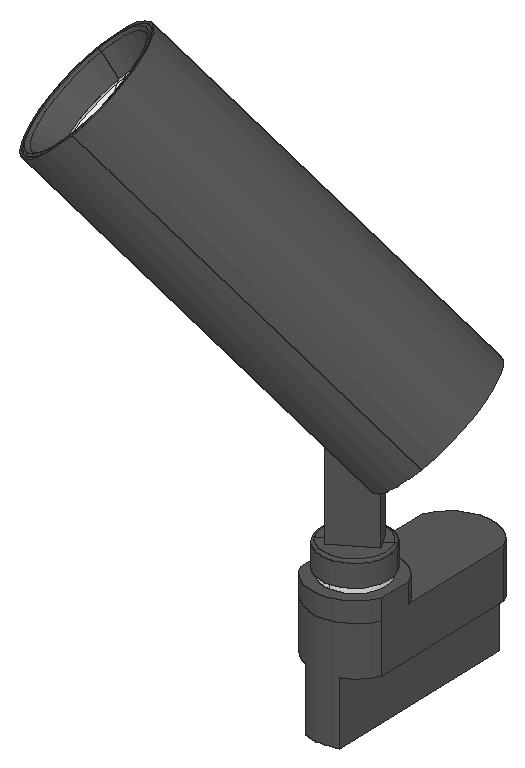
Revit family "0005441", category Lighting Fixtures, host Face, Revit 2017
Family settings
  Host = Face
  Round Connector Dimension = Use Diameter
  Part Type = Normal
  OmniClass Number = 23.80.70.00
  OmniClass Title = Lighting
  Cut with Voids When Loaded = No
  Light Source = No
  Shared = No
  Room Calculation Point = No
Parameters (values of type "0005441 PIXO SMALL 1490LM 930 NB MB WB BLK - 24 degree")
  Weight = "6.204 kg"
  Wattage Comments = ""
  WarrantyStartDate [instance] = "n/a"
  WarrantyGuarantorParts = "n/a"
  WarrantyDurationUnit = "n/a"
  WarrantyDurationParts = "n/a"
  WarrantyDescription = "n/a"
  Voltage = 0 V
  VerticalRotation_SYL [instance] = 60.00°
  VerticalEndAngle_SYL [instance] = VerticalRotation_SYL - 180.00°  # -120.00°
  URL = "http://www.sylvania-lighting.com"
  TypeName = "Pixo Small 1490lm 930 NB MB WB BLK"
  TypeHead_SYL = START Track Spot Integral Head : 0005441 24
  TypeArm_SYL = START Track Spot Integral Arm : START Track Spot Integral BL
  Type Image = <None>
  Type Comments = "n/a"
  SerialNumber [instance] = "n/a"
  Material_3_SYL = none
  PowerFactor = 0.9
  PowerConsumption = "17 W"
  NominalLength = 245 mm
  NominalHeight = 60 mm
  NominalDepth = 70 mm
  Name = "Pixo Small 1490lm 930 NB MB WB BLK"
  ModelReference = Name  # "Pixo Small 1490lm 930 NB MB WB BLK"
  ModelNumber = "0005441"
  Model = Name  # "Pixo Small 1490lm 930 NB MB WB BLK"
  Material = "n/a"
  ManufacturerName = "Feilo Sylvania"
  Manufacturer = "Feilo Sylvania"
  LuminousEfficacy = "88 lm/W"
  LuminaireType = ""
  LightOutputRatio = "n/a"
  LampsType = Lamp  # "LED"
  LampNominalLuminous = "1496 lm"
  LampMacAdamStep = "5"
  LampColourTemperature = "3000 K"
  LampColourRenderingIndex = "90"
  Lamp = "LED"
  Keynote = "16500"
  InstallationDate [instance] = "n/a"
  InputVoltage = "n/a"
  InputNominalFrequency = "n/a"
  IngressProtection = "IP20"
  ImpactProtectionIndex = "IK03"
  IfcExportType = "IfcLightFixtureType"
  IfcExportAs = "IfcLightFixtureType"
  HorizontalRotation_SYL [instance] = 45.00°
  ExpectedLife = 50000
  ElectricShockClassification = "Class I"
  DurationUnit = "hours"
  DocumentationLiterature = "http://www.sylvania-lighting.com/product/en-int/products/0005441"
  DimmingControlOptions = "n/a"
  Material_2_SYL = Spacer-Sylvania-StartTrackSpot-Aluminium
  Description = "Integrated LED spotlight, Textured Black - RAL9005, simple and slick integral design with no driver box and without any visible screws, ideal for retail applications, die-cast aluminium body, passive cooling heatsink. Beam angle: 36°, additional lenses 24°and 54° beam angle included, color temperature: 3000K , total system power: 17W, total fixture output: 1496 lm, LOR: 100%, colour rendering: Ra: 90 typical, LED Chromaticity: 3 step MacAdam ellipse, lifetime: >50000 hours at L70B50, energy class: A++, A+, A, IR/UV free light source without heat radiation, operating voltage: 220-240V / 50-60Hz,  electronic driver, non-dimmable, ultra low LED flickering rate (5% or less), power factor: >0.90, electrical protection: Class I, Global Track 3 Circuit GA69 adapter suitable for Global trac 3-circuit tracks, ingress protection rating: IP20, suitable for internal environment only, horizontal rotation: 345°, vertical tilt: 90°, dimensions: Ø60x70x245, weight: 0.517kg."
  Default Elevation = 1219.2 mm
  CreatedOn = "9/9/2020"
  CreatedBy = "@sylvania-lighting.com"
  Cost = 0
  built-in parameter 1114216 [instance] = (empty or 0)
  ClassificationValue = "EF_70_80"
  ClassificationName = "Uniclass2015"
  Material_1_SYL = Body-Sylvania-StartTrackSpot-Black
  BarCode [instance] = "n/a"
  AssetType = "Fixed"
  AssetIdentifier [instance] = "n/a"
  Assembly Code = "D5020200"
  Apparent Load = 17 VA
  Material_4_SYL = none
Reference planes
  plane 1 "Center (Front/Back)": y = 0
  plane 2: z = 0
  plane 3 "Center (Left/Right)": x = 0
  plane 4: x = 16.6
  plane 5: x = -16.6
  plane 6: x = 7
  plane 7: x = -7
  plane 8: x = -12.8
  plane 9: y = 42
  plane 10: y = 42
  plane 11: y = -42
  plane 12: y = 31.4
  plane 13: y = -31.4
  plane 14: z = -26
  plane 15: z = 20.3
  plane 16: z = 28.5
  plane 17: z = 31.2
  plane 18: y = -17.4
  plane 19: y = -6.8
  plane 20: y = -24.4
Forms (mm)
  Extrusion 1, solid, material "Body-Sylvania-StartTrackSpot-Black" <- "Material_1_SYL"
    sketch origin (0, 0, 0) x (1, 0, 0) y (0, 1, 0)
      loop
        line (-16.6, 31.4) -> (-16.6, -31.4)
        arc (-16.6, -31.4) -> (0, -42) -> (16.6, -31.4) r 18.298
        line (16.6, -31.4) -> (16.6, 31.4)
        arc (16.6, 31.4) -> (0, 42) -> (-16.6, 31.4) r 18.298
    from -26 to 20.3
  Extrusion 2, void
    sketch origin (0, 0, 0) x (1, 0, 0) y (0, 1, 0)
      loop
        arc (-7, 40.608) -> (-12.666, 36.907) -> (-16.6, 31.4) r 18.298
        line (-16.6, 31.4) -> (-16.6, -31.4)
        arc (-16.6, -31.4) -> (-12.666, -36.907) -> (-7, -40.608) r 18.298
        line (-7, -40.608) -> (-7, 40.608)
      loop
        line (16.6, -31.4) -> (16.6, 31.4)
        arc (16.6, 31.4) -> (12.666, 36.907) -> (7, 40.608) r 18.298
        line (7, 40.608) -> (7, -40.608)
        arc (7, -40.608) -> (12.666, -36.907) -> (16.6, -31.4) r 18.298
    from 0 to -26
  Extrusion 3, solid, material "Body-Sylvania-StartTrackSpot-Black" <- "Material_1_SYL"
    sketch origin (1223.4, -4572, 20.3) x (0, -1, 0) y (-1, 0, 0)
      loop
        line (-4540.6, 1240) -> (-4554.6, 1240)
        arc (-4554.6, 1240) -> (-4565.2, 1223.4) -> (-4554.6, 1206.8) r 18.298
        line (-4554.6, 1206.8) -> (-4540.6, 1206.8)
        arc (-4540.6, 1206.8) -> (-4530, 1223.4) -> (-4540.6, 1240) r 18.298
    from -8.2 to 0
  Extrusion 4, solid, material "Spacer-Sylvania-StartTrackSpot-Aluminium" <- "Material_2_SYL"
    sketch origin (1223.4, -4572, 28.5) x (0, -1, 0) y (-1, 0, 0)
      loop
        circle (-4547.6, 1223.4) r 12.7
    from 0 to -2.7
  Revolve 5, solid, not visible
    sketch origin (1524, -24.4, 1219.2) x (1, 0, 0) y (0, 0, 1)
      loop
        line (-1524, -1188) -> (-1524, -1168.735) -> (-1531, -1168.735) -> (-1531, -1188) -> (-1524, -1188)
      axis (-1524, -1168.735) -> (-1524, -1188)
    angle from 60 <- "VerticalRotation_SYL" to -120 <- "VerticalEndAngle_SYL"
Cuts and joins
  Extrusion 2 cuts Extrusion 1
  joined: Extrusion 1, Extrusion 3
Lines and regions (mm)
  reference lines
    curve 1: circle (0, -24.4, 0) r 12.7 normal (0, 0, 1)
    curve 2: arc (-16.6, -31.4, 0) -> (0, -42, 0) -> (16.6, -31.4, 0) r 18.298
    curve 3: arc (-16.6, -17.4, 0) -> (0, -6.8, 0) -> (16.6, -17.4, 0) r 18.298
    curve 4: arc (-16.6, 31.4, 0) -> (0, 42, 0) -> (16.6, 31.4, 0) r 18.298
Dimensions and locks
  plane 6 to plane 3 "Center (Left/Right)" to plane 7 = 7 mm locked, 7 mm locked
  plane 4 to plane 3 "Center (Left/Right)" to plane 5 = 16.6 mm locked, 16.6 mm locked
  locked: plane 3 "Center (Left/Right)" to plane 8 at 12.8
  plane 11 to plane 1 "Center (Front/Back)" to plane 10 = 42 mm locked, 42 mm locked
  plane 13 to plane 1 "Center (Front/Back)" to plane 12 = 31.4 mm locked, 31.4 mm locked
  locked: plane 2 to plane 14 at 26
  locked: plane 15 to plane 2 at 20.3
  plane 17 to plane 16 to plane 15 = 2.7 mm locked, 8.2 mm locked
  locked: plane 13 to plane 18 at 14
  locked: plane 18 to plane 19 at 10.6
  equal spacing: plane 13, plane 20, plane 18
  locked: plane 20 to curve 2 at 0.698
  locked: curve 3 to plane 20 at 0.698
  aligned and locked: plane 2 to host face
  aligned and locked: level to host face
  aligned and locked: plane 3 "Center (Left/Right)" to curve 1
  aligned and locked: plane 20 to curve 1
  aligned and locked: plane 13 to curve 2  (x2)
  aligned and locked: plane 18 to curve 3  (x2)
  aligned and locked: plane 12 to curve 4  (x2)
  aligned and locked: plane 4 to curve 4
  aligned and locked: plane 3 "Center (Left/Right)" to curve 4
  aligned and locked: plane 5 to curve 2
  aligned and locked: plane 5 to curve 3
  aligned and locked: plane 4 to curve 3
  aligned and locked: plane 4 to curve 2
  aligned and locked: plane 12 to Extrusion 1 sketch curve
  aligned and locked: plane 13 to Extrusion 1 sketch curve
  aligned and locked: Extrusion 1 sketch curve to curve 4
  aligned and locked: Extrusion 1 sketch curve to curve 2
  aligned and locked: Extrusion 1 to plane 15
  aligned and locked: plane 14 to Extrusion 1
  aligned and locked: Extrusion 2 sketch curve to Extrusion 1  (x5)
  aligned and locked: Extrusion 2 sketch curve to plane 7
  aligned and locked: plane 14 to Extrusion 2
  aligned and locked: level to Extrusion 2
  aligned and locked: Extrusion 3 sketch curve to cut or joined group of Extrusion 1, Extrusion 2, Extrusion 3  (x2)
  aligned and locked: Extrusion 3 sketch curve to curve 3
  aligned and locked: cut or joined group of Extrusion 1, Extrusion 2, Extrusion 3 to Extrusion 3 sketch curve
  aligned and locked: Extrusion 3 to plane 16
  aligned and locked: plane 15 to Extrusion 3
  aligned and locked: Extrusion 4 sketch curve to curve 1
  aligned and locked: Extrusion 4 to plane 17
  aligned and locked: plane 16 to Extrusion 4
  aligned and locked: Revolve 5 sketch curve to plane 3 "Center (Left/Right)"
  aligned and locked: Extrusion 4 to Revolve 5 sketch curve
  aligned and locked: Revolve 5 sketch curve to Extrusion 4
  aligned and locked: plane 17 to nested 1
Automatic sketch dimensions
  host sketch curve to host sketch curve = 2438.4 mm  (x2)
  plane 12 to curve 4 = 7.698 mm
  plane 12 to Extrusion 2 sketch curve = 0 mm
  Extrusion 2 sketch curve to Extrusion 2 sketch curve = 0 mm  (x2)
  Extrusion 2 sketch curve to plane 6 = 0 mm
  Revolve 5 sketch curve to plane 7 = 0 mm
  Revolve 5 sketch curve to Revolve 5 sketch curve = 19.265 mm
  plane 14 to Revolve 5 sketch curve = 583.6 mm
  Revolve 5 sketch curve to Revolve 5 sketch curve = 2558.594 mm
  radius of curve 1 = 12.7 mm
Nested families
  nested 1: "START Track Spot Integral Arm" at (0, -24.4, 31.2) x (0, 0, -1) z (0.866, 0.5, 0), type <- "TypeArm_SYL", HorizontalRotation_SYL <- "HorizontalRotation_SYL", type "START Track Spot Integral BL"
    with HorizontalRotation_SYL 45.00°, HorizontalEndAngle_SYL -135.00°
  nested 2: "START Track Spot Integral Head" at (12.554, -17.152, 97.696) x (-0.5, 0.866, 0) z (0.6124, 0.3536, -0.7071), type <- "TypeHead_SYL", type "0005441 24"
    with built-in parameter 1114216 (empty or 0)
Connectors
  electrical at (0, 0, 0), driven by "Apparent Load", driven by "PowerFactor", driven by "Voltage"
    settings: index 1, voltage 0 V, apparent load 17 VA, apparent load phase1 0 VA, apparent load phase2 0 VA, apparent load phase3 0 VA, power factor 0.9, load classification "Lighting", number of poles 1, system type 30, power factor state 1, is connector primary yes, connector utility no, sub classification motor no, connector description ""
Definition of nested family "START Track Spot Integral Arm"
  Parameters (values of type "START Track Spot Integral WH")
    URL = "http://www.sylvania-lighting.com"
    Type Image = (empty or 0)
    Type Comments = "n/a"
    Material_3_SYL = none
    Model = ""
    Manufacturer = "Feilo Sylvania"
    Keynote = ""
    Material_2_SYL = none
    HorizontalRotation_SYL [instance] = 0.00°
    HorizontalEndAngle_SYL [instance] = HorizontalRotation_SYL - 180.00°  # -180.00°
    Description = ""
    Default Elevation = 1219.2 mm
    Cost = 0
    Material_1_SYL = none
    Assembly Code = ""
    Material_4_SYL = none
  Types (2): name
    START Track Spot Integral WH
    START Track Spot Integral BL
  Reference planes
    plane 1 "Center (Front/Back)": y = 0
    plane 2: z = 0
    plane 3 "Center (Left/Right)": x = 0
    plane 4: x = -10
    plane 5: z = -14
    plane 6: z = -14
    plane 7: z = 14
    plane 8: x = -52
    plane 9: z = 9
    plane 10: z = -9
    plane 11: x = -60
    plane 12: y = 4.5
    plane 13: y = -4.5
    plane 14: x = -9
    plane 15: z = 13
    plane 16: z = 4
    plane 17: z = -4
    plane 18: x = -55
  Forms (mm)
    Extrusion 1, solid
      sketch origin (4.2, 0, 0) x (1, 0, 0) y (0, 1, 0)
        loop
          line (-1219.2, 1219.2) -> (-1219.2, -1219.2) -> (1219.2, -1219.2) -> (1219.2, 1219.2) -> (-1219.2, 1219.2)
      from 0 to -68.017
    Revolve 2, solid, material <- "Material_1_SYL"
      sketch origin (0, 0, 0) x (1, 0, 0) y (0, 0, 1)
        loop
          line (0, 0) -> (0, 14) -> (-9, 14)
          arc (-9, 14) -> (-9.707, 13.707) -> (-10, 13) r 1
          line (-10, 13) -> (-10, 0) -> (0, 0)
        axis (-10, 0) -> (0, 0)
      angle from 360 to 0
    Extrusion 3, solid, material <- "Material_1_SYL"
      sketch origin (0, 0, 0) x (1, 0, 0) y (0, 0, 1)
        loop
          line (-10, 9) -> (-55, 9)
          arc (-55, 9) -> (-58.536, 7.536) -> (-60, 4) r 5
          line (-60, 4) -> (-60, -4)
          arc (-60, -4) -> (-58.536, -7.536) -> (-55, -9) r 5
          line (-55, -9) -> (-10, -9) -> (-10, 9)
      from -4.5 to 4.5
    Revolve 4, solid, not visible
      sketch origin (-52, -4572, 2609.058) x (0, 0, 1) y (0, -1, 0)
        loop
          line (-2609.058, -4553.46) -> (-2609.058, -4590.54) -> (-2605.058, -4590.54) -> (-2605.058, -4553.46) -> (-2609.058, -4553.46)
        axis (-2609.058, -4553.46) -> (-2609.058, -4590.54)
      angle from 0 <- "HorizontalRotation_SYL" to -180 <- "HorizontalEndAngle_SYL"
  Dimensions and locks
    locked: plane 3 "Center (Left/Right)" to plane 4 at 10
    plane 7 to plane 2 to plane 6 = 14 mm locked, 14 mm locked
    locked: plane 4 to plane 8 at 42
    plane 13 to plane 1 "Center (Front/Back)" to plane 12 = 4.5 mm locked, 4.5 mm locked
    locked: plane 14 to plane 4 at 1
    locked: plane 7 to plane 15 at 1
    locked: plane 9 to plane 16 at 5
    locked: plane 17 to plane 10 at 5
    equal spacing: Revolve 4 sketch curve, plane 1 "Center (Front/Back)", Revolve 4 sketch curve
    locked: Revolve 4 sketch curve to plane 1 "Center (Front/Back)" at 18.54
    locked: plane 18 to plane 11 at 5
    locked: plane 4 to plane 11 at 50
    aligned and locked: plane 2 to Extrusion 1
    aligned and locked: level to Extrusion 1
    aligned and locked: level to Revolve 2 sketch curve  (x2)
    aligned and locked: plane 3 "Center (Left/Right)" to Revolve 2 sketch curve
    aligned and locked: Revolve 2 sketch curve to plane 7
    aligned and locked: plane 4 to Revolve 2 sketch curve
    aligned and locked: plane 15 to Revolve 2 sketch curve
    aligned and locked: plane 14 to Revolve 2 sketch curve
    aligned and locked: Revolve 2 sketch curve to plane 2
    aligned and locked: Extrusion 3 sketch curve to plane 9
    aligned and locked: plane 4 to Extrusion 3 sketch curve
    aligned and locked: plane 10 to Extrusion 3 sketch curve
    aligned and locked: Extrusion 3 sketch curve to plane 11
    aligned and locked: plane 13 to Extrusion 3
    aligned and locked: Extrusion 3 to plane 12
    aligned and locked: plane 16 to Extrusion 3 sketch curve
    aligned and locked: plane 17 to Extrusion 3 sketch curve
    aligned and locked: Revolve 4 sketch curve to level
    aligned and locked: Revolve 4 sketch curve to plane 16
    aligned and locked: Revolve 4 sketch curve to plane 2
    aligned and locked: plane 18 to Extrusion 3 sketch curve  (x2)
Definition of nested family "START Track Spot Integral Head"
  Parameters (values of type "0005441 54")
    WidthCutOut_SYL = 9.5 mm  # constant formula
    Wattage Comments = "n/a"
    Wattage = 17 W
    built-in parameter 1150110 = 1 (stored number, unit not read)
    URL = "http://www.sylvania-lighting.com"
    Type Image = (empty or 0)
    Type Comments = "n/a"
    built-in parameter 1114217 = 1 (stored number, unit not read)
    Tilt Angle = 90.00°
    built-in parameter 1150109 = 1 (stored number, unit not read)
    built-in parameter 1150134 = (empty or 0)
    built-in parameter 1150113 = 1 (stored number, unit not read)
    S_SYL = yes
    RadiusLensOut_SYL = if(S_SYL, 21 mm, if(M_SYL, 30.5 mm, 33 mm))  # 21 mm
    RadiusLensHolder_SYL = 1.8 mm  # constant formula
    RadiusHead_SYL = if(S_SYL, 30 mm, if(M_SYL, 40 mm, 45.5 mm))  # 30 mm
    RadiusEmission_SYL = if(S_SYL, 8 mm, if(M_SYL, 16.5 mm, 16.5 mm))  # 8 mm
    Photometric Web File = "0005441_54.ies"
    built-in parameter 1150142 = "IESNA:LM-63-2002\r\n[TEST] 202010554\r\n[TESTLAB] \r\n[TESTDATE] 23 May 2020\r\n[ISSUEDATE] 23 May 2020\r\n[MANUFAC] Sylvania\r\n[LUMCAT] 202010554\r\n[LUMINAIRE] FT1079-B-3000£¨54¡ã£©\r\n[FLASHAREA] 0.000514\r\n[LAMPCAT] 202010554\r\n[LAMP] LED 17W\r\nTILT=NONE\r\n1 1440.60 1.0 181 4 1 2 -0.052 -0.052 0.000\r\n1.00 1.00 16.52\r\n0.00 1.00 2.00 3.00 4.00 5.00 6.00 7.00 8.00 9.00 10.00 \r\n11.00 12.00 13.00 14.00 15.00 16.00 17.00 18.00 19.00 \r\n20.00 21.00 22.00 23.00 24.00 25.00 26.00 27.00 28.00 \r\n29.00 30.00 31.00 32.00 33.00 34.00 35.00 36.00 37.00 \r\n38.00 39.00 40.00 41.00 42.00 43.00 44.00 45.00 46.00 \r\n47.00 48.00 49.00 50.00 51.00 52.00 53.00 54.00 55.00 \r\n56.00 57.00 58.00 59.00 60.00 61.00 62.00 63.00 64.00 \r\n65.00 66.00 67.00 68.00 69.00 70.00 71.00 72.00 73.00 \r\n74.00 75.00 76.00 77.00 78.00 79.00 80.00 81.00 82.00 \r\n83.00 84.00 85.00 86.00 87.00 88.00 89.00 90.00 91.00 \r\n92.00 93.00 94.00 95.00 96.00 97.00 98.00 99.00 100.00 \r\n101.00 102.00 103.00 104.00 105.00 106.00 107.00 108.00 \r\n109.00 110.00 111.00 112.00 113.00 114.00 115.00 116.00 \r\n117.00 118.00 119.00 120.00 121.00 122.00 123.00 124.00 \r\n125.00 126.00 127.00 128.00 129.00 130.00 131.00 132.00 \r\n133.00 134.00 135.00 136.00 137.00 138.00 139.00 140.00 \r\n141.00 142.00 143.00 144.00 145.00 146.00 147.00 148.00 \r\n149.00 150.00 151.00 152.00 153.00 154.00 155.00 156.00 \r\n157.00 158.00 159.00 160.00 161.00 162.00 163.00 164.00 \r\n165.00 166.00 167.00 168.00 169.00 170.00 171.00 172.00 \r\n173.00 174.00 175.00 176.00 177.00 178.00 179.00 180.00 \r\n0.00 30.00 60.00 90.00 \r\n1655.55 1662.59 1658.31 1653.69 1649.69 1648.01 1636.26 \r\n1626.65 1614.26 1595.35 1582.77 1558.60 1535.27 1504.89 \r\n1472.27 1437.98 1403.81 1364.30 1326.71 1284.48 1235.83 \r\n1181.38 1131.80 1076.91 1016.99 950.08 883.38 821.13 \r\n757.26 699.56 641.15 588.92 538.12 491.88 447.61 408.11 \r\n372.30 336.02 308.69 280.38 253.73 230.77 210.19 190.89 \r\n173.74 157.71 143.15 129.72 117.91 106.71 96.87 88.54 \r\n81.06 73.94 67.06 60.84 54.98 49.35 44.24 39.59 34.84 \r\n30.15 25.85 22.62 20.23 18.20 16.32 14.73 13.22 11.75 \r\n10.24 8.67 7.21 5.95 4.88 3.83 2.84 1.91 1.03 0.33 0.01 \r\n0.01 0.01 0.01 0.01 0.01 0.01 0.01 0.01 0.01 0.01 0.01\r\n0.01 0.01 0.01 0.01 0.01 0.01 0.01 0.01 0.01 0.01 0.01\r\n0.01 0.01 0.01 0.01 0.01 0.01 0.01 0.01 0.01 0.01 0.01 \r\n0.01 0.01 0.01 0.01 0.01 0.01 0.01 0.01 0.01 0.01 0.01\r\n0.01 0.01 0.01 0.01 0.01 0.01 0.01 0.01 0.01 0.01 0.01 \r\n0.01 0.01 0.01 0.01 0.01 0.01 0.01 0.01 0.01 0.01 0.01\r\n0.01 0.01 0.01 0.01 0.01 0.01 0.01 0.01 0.01 0.01 0.01 \r\n0.01 0.01 0.01 0.01 0.01 0.01 0.01 0.01 0.01 0.01 0.01\r\n0.01 0.01 0.01 0.01 0.01 0.01 0.01 0.01 0.01 0.01 0.01 \r\n0.01 \r\n1663.14 1655.46 1652.76 1648.03 1645.85 1641.44 1631.94 \r\n1624.09 1615.75 1599.85 1581.05 1556.25 1535.22 1500.65 \r\n1465.96 1433.97 1404.97 1365.29 1324.16 1278.65 1231.24 \r\n1182.78 1128.23 1069.76 1008.85 946.74 880.85 816.82 \r\n757.46 700.66 642.13 589.26 540.06 492.91 447.73 409.24 \r\n372.82 339.32 309.70 282.82 258.05 234.04 211.38 192.72 \r\n173.57 157.00 141.71 127.61 114.92 103.57 93.93 84.92 \r\n77.49 70.43 64.53 58.88 53.03 47.69 42.66 38.30 33.86 \r\n29.39 25.14 22.08 19.77 17.85 16.14 14.60 13.20 11.70 \r\n10.23 8.70 7.29 6.07 5.02 3.93 2.93 1.95 1.03 0.31 0.03 \r\n0.01 0.01 0.01 0.01 0.01 0.01 0.01 0.01 0.01 0.01 0.01 \r\n0.01 0.01 0.01 0.01 0.01 0.01 0.01 0.01 0.01 0.01 0.01\r\n0.01 0.01 0.01 0.01 0.01 0.01 0.01 0.01 0.01 0.01 0.01 \r\n0.01 0.01 0.01 0.01 0.01 0.01 0.01 0.01 0.01 0.01 0.01\r\n0.01 0.01 0.01 0.01 0.01 0.01 0.01 0.01 0.01 0.01 0.01 \r\n0.01 0.01 0.01 0.01 0.01 0.01 0.01 0.01 0.01 0.01 0.01\r\n0.01 0.01 0.01 0.01 0.01 0.01 0.01 0.01 0.01 0.01 0.01 \r\n0.01 0.01 0.01 0.01 0.01 0.01 0.01 0.01 0.01 0.01 0.01\r\n0.01 0.01 0.01 0.01 0.01 0.01 0.01 0.01 0.01 0.01 0.01\r\n0.01 \r\n1656.06 1661.08 1656.22 1646.21 1641.40 1634.53 1628.44 \r\n1619.78 1603.72 1596.03 1573.39 1561.30 1534.61 1500.34 \r\n1466.66 1429.45 1398.15 1361.28 1317.53 1277.06 1225.92 \r\n1178.99 1116.30 1061.03 1000.76 945.77 880.15 814.27 \r\n754.91 697.25 640.52 586.53 539.81 493.49 447.97 408.02 \r\n371.04 338.02 307.89 278.82 252.47 229.41 207.40 188.54 \r\n170.90 154.59 140.38 125.89 113.26 102.36 93.02 84.17 \r\n76.76 70.47 64.68 58.35 52.47 47.37 42.59 38.14 33.65 \r\n29.16 25.27 21.85 19.67 17.80 16.14 14.59 13.12 11.69 \r\n10.19 8.76 7.34 6.13 5.06 4.01 3.02 2.07 1.12 0.35 0.01 \r\n0.01 0.01 0.01 0.01 0.01 0.01 0.01 0.01 0.01 0.01 0.01\r\n0.01 0.01 0.01 0.01 0.01 0.01 0.01 0.01 0.01 0.01 0.01\r\n0.01 0.01 0.01 0.01 0.01 0.01 0.01 0.01 0.01 0.01 0.01\r\n0.01 0.01 0.01 0.01 0.01 0.01 0.01 0.01 0.01 0.01 0.01\r\n0.01 0.01 0.01 0.01 0.01 0.01 0.01 0.01 0.01 0.01 0.01 \r\n0.01 0.01 0.01 0.01 0.01 0.01 0.01 0.01 0.01 0.01 0.01\r\n0.01 0.01 0.01 0.01 0.01 0.01 0.01 0.01 0.01 0.01 0.01 \r\n0.01 0.01 0.01 0.01 0.01 0.01 0.01 0.01 0.01 0.01 0.01\r\n0.01 0.01 0.01 0.01 0.01 0.01 0.01 0.01 0.01 0.01 0.01 \r\n0.01 \r\n1659.50 1649.40 1647.34 1654.28 1643.21 1645.32 1631.41 \r\n1616.77 1611.40 1591.80 1571.20 1543.78 1527.25 1494.74 \r\n1456.40 1427.54 1393.47 1360.47 1320.94 1276.77 1223.07 \r\n1177.66 1118.19 1056.45 1000.76 938.71 871.81 808.51 \r\n751.94 691.15 638.93 583.63 538.19 492.71 450.65 410.58 \r\n373.41 341.27 308.18 282.36 254.79 233.05 210.10 188.77 \r\n172.08 154.28 138.83 122.79 111.20 100.52 91.19 82.28 \r\n74.92 68.71 61.32 55.35 50.35 44.95 40.27 36.33 32.50 \r\n27.95 24.38 21.37 19.31 17.60 16.08 14.54 13.09 11.66 \r\n10.17 8.81 7.37 6.21 5.16 4.08 3.05 2.07 1.09 0.30 0.01 \r\n0.01 0.01 0.01 0.01 0.01 0.01 0.01 0.01 0.01 0.01 0.01\r\n0.01 0.01 0.01 0.01 0.01 0.01 0.01 0.01 0.01 0.01 0.01\r\n0.01 0.01 0.01 0.01 0.01 0.01 0.01 0.01 0.01 0.01 0.01\r\n0.01 0.01 0.01 0.01 0.01 0.01 0.01 0.01 0.01 0.01 0.01\r\n0.01 0.01 0.01 0.01 0.01 0.01 0.01 0.01 0.01 0.01 0.01\r\n0.01 0.01 0.01 0.01 0.01 0.01 0.01 0.01 0.01 0.01 0.01\r\n0.01 0.01 0.01 0.01 0.01 0.01 0.01 0.01 0.01 0.01 0.01\r\n0.01 0.01 0.01 0.01 0.01 0.01 0.01 0.01 0.01 0.01 0.01\r\n0.01 0.01 0.01 0.01 0.01 0.01 0.01 0.01 0.01 0.01 0.01\r\n0.01 \r\n"
    Material_3_SYL = none
    Model = "ST TRK SPT INTGRL 1350LM 930 MB BLK"
    Manufacturer = "Feilo Sylvania"
    M_SYL = no
    built-in parameter 1150105 = 107.43 (stored number, unit not read)
    Lumens = 1350 lm
    built-in parameter 1150115 = 1 (stored number, unit not read)
    built-in parameter 1150137 = (empty or 0)
    built-in parameter 1150139 = (empty or 0)
    built-in parameter 1150112 = 1 (stored number, unit not read)
    built-in parameter 1150114 = 1 (stored number, unit not read)
    Lamp = "LED"
    Keynote = "16500"
    Material_2_SYL = none
    built-in parameter 1150132 = (empty or 0)
    built-in parameter 1150102 = (empty or 0)
    built-in parameter 1150107 = 3000 (stored number, unit not read)
    built-in parameter 1150138 = (empty or 0)
    built-in parameter 1150106 = 1.0743 (stored number, unit not read)
    Height_SYL = if(S_SYL, 160 mm, if(M_SYL, 200 mm, 215 mm))  # 160 mm
    Emit from Circle Diameter = RadiusLensOut_SYL * 2  # 42 mm
    Emit Shape Visible in Rendering = no
    built-in parameter 1150104 = 7.3776 (stored number, unit not read)
    DistRotateAxisY_SYL = 16.8 mm  # constant formula
    Dimming Lamp Color Temperature Shift = (empty or 0)
    Description = ""
    DepthLens_SYL = 1.25 * (RadiusHead_SYL - 1 mm - RadiusLensOut_SYL)  # 10 mm
    DepthEmission_SYL = Height_SYL / 6.4  # 25 mm
    DepthCutOut_SYL = WidthCutOut_SYL * 2  # 19 mm
    Default Elevation = 1219.2 mm
    Cost = 0
    Color Filter = 16777215
    built-in parameter 1114216 [instance] = (empty or 0)
    Material_1_SYL = none
    built-in parameter 1114218 = 1 (stored number, unit not read)
    built-in parameter 1150133 = 10 (stored number, unit not read)
    Assembly Code = "D5020200"
    Apparent Load = 17 VA
    Material_4_SYL = none
  Types (5, lengths in mm): name | Photometric Web File | built-in parameter 1150142 | Model | built-in parameter 1150105 | Lumens | built-in parameter 1150106 | built-in parameter 1150104
    0005423 ST TRK SPT INTGRL 1350LM 930 MB BLK | "0005423MB.ies" | "IESNA:LM-63-2002\r\n[TEST] A1808656A0\r\n[TESTLAB]\r\n[MANUFAC] Feilo Sylvania\r\n[LUMCAT]\r\n[LUMINAIRE] 0005423 START Track Spot Integ ral 1350lm 930 MB BLK /0 \r\n[LAMP] SP-TA5C17R1/0\r\n[BALLAST] \r\n[ISSUEDATE]\r\n[OTHER] B-Angle = 0.00 B-Tilt = 0.00 2018-10-19\r\nTILT=NONE\r\n1 1350.00 1 361 1 1 2 -0.042 -0.042 0.000\r\n1.0 1.0 17.00\r\n   0.00   0.50   1.00   1.50   2.00   2.50   3.00   3.50   4.00   4.50\r\n   5.00   5.50   6.00   6.50   7.00   7.50   8.00   8.50   9.00   9.50\r\n  10.00  10.50  11.00  11.50  12.00  12.50  13.00  13.50  14.00  14.50\r\n  15.00  15.50  16.00  16.50  17.00  17.50  18.00  18.50  19.00  19.50\r\n  20.00  20.50  21.00  21.50  22.00  22.50  23.00  23.50  24.00  24.50\r\n  25.00  25.50  26.00  26.50  27.00  27.50  28.00  28.50  29.00  29.50\r\n  30.00  30.50  31.00  31.50  32.00  32.50  33.00  33.50  34.00  34.50\r\n  35.00  35.50  36.00  36.50  37.00  37.50  38.00  38.50  39.00  39.50\r\n  40.00  40.50  41.00  41.50  42.00  42.50  43.00  43.50  44.00  44.50\r\n  45.00  45.50  46.00  46.50  47.00  47.50  48.00  48.50  49.00  49.50\r\n  50.00  50.50  51.00  51.50  52.00  52.50  53.00  53.50  54.00  54.50\r\n  55.00  55.50  56.00  56.50  57.00  57.50  58.00  58.50  59.00  59.50\r\n  60.00  60.50  61.00  61.50  62.00  62.50  63.00  63.50  64.00  64.50\r\n  65.00  65.50  66.00  66.50  67.00  67.50  68.00  68.50  69.00  69.50\r\n  70.00  70.50  71.00  71.50  72.00  72.50  73.00  73.50  74.00  74.50\r\n  75.00  75.50  76.00  76.50  77.00  77.50  78.00  78.50  79.00  79.50\r\n  80.00  80.50  81.00  81.50  82.00  82.50  83.00  83.50  84.00  84.50\r\n  85.00  85.50  86.00  86.50  87.00  87.50  88.00  88.50  89.00  89.50\r\n  90.00  90.50  91.00  91.50  92.00  92.50  93.00  93.50  94.00  94.50\r\n  95.00  95.50  96.00  96.50  97.00  97.50  98.00  98.50  99.00  99.50\r\n 100.00 100.50 101.00 101.50 102.00 102.50 103.00 103.50 104.00 104.50\r\n 105.00 105.50 106.00 106.50 107.00 107.50 108.00 108.50 109.00 109.50\r\n 110.00 110.50 111.00 111.50 112.00 112.50 113.00 113.50 114.00 114.50\r\n 115.00 115.50 116.00 116.50 117.00 117.50 118.00 118.50 119.00 119.50\r\n 120.00 120.50 121.00 121.50 122.00 122.50 123.00 123.50 124.00 124.50\r\n 125.00 125.50 126.00 126.50 127.00 127.50 128.00 128.50 129.00 129.50\r\n 130.00 130.50 131.00 131.50 132.00 132.50 133.00 133.50 134.00 134.50\r\n 135.00 135.50 136.00 136.50 137.00 137.50 138.00 138.50 139.00 139.50\r\n 140.00 140.50 141.00 141.50 142.00 142.50 143.00 143.50 144.00 144.50\r\n 145.00 145.50 146.00 146.50 147.00 147.50 148.00 148.50 149.00 149.50\r\n 150.00 150.50 151.00 151.50 152.00 152.50 153.00 153.50 154.00 154.50\r\n 155.00 155.50 156.00 156.50 157.00 157.50 158.00 158.50 159.00 159.50\r\n 160.00 160.50 161.00 161.50 162.00 162.50 163.00 163.50 164.00 164.50\r\n 165.00 165.50 166.00 166.50 167.00 167.50 168.00 168.50 169.00 169.50\r\n 170.00 170.50 171.00 171.50 172.00 172.50 173.00 173.50 174.00 174.50\r\n 175.00 175.50 176.00 176.50 177.00 177.50 178.00 178.50 179.00 179.50\r\n 180.00\r\n   0.00\r\n    2953.10    2960.67    2955.01    2951.59    2937.99    2925.63    2907.64\r\n    2886.89    2862.76    2835.16    2803.86    2767.72    2733.06    2692.36\r\n    2648.69    2604.87    2559.88    2512.59    2468.84    2426.91    2381.85\r\n    2332.81    2291.69    2250.72    2209.69    2164.25    2118.43    2069.44\r\n    2015.77    1958.80    1899.18    1841.70    1782.18    1720.36    1658.92\r\n    1595.81    1531.53    1470.35    1408.17    1345.18    1285.38    1226.34\r\n    1167.13    1111.47    1057.05    1004.48     952.01     899.65     849.89\r\n     804.37     758.17     714.30     673.00     634.42     597.13     561.36\r\n     527.32     495.00     464.21     435.01     407.28     381.04     356.49\r\n     333.37     311.55     291.25     272.36     254.99     238.54     222.97\r\n     208.45     195.25     182.90     171.26     160.47     150.71     141.57\r\n     133.14     125.48     118.23     111.46     105.07      99.29      93.97\r\n      89.11      84.62      80.62      77.00      73.59      70.40      67.28\r\n      64.29      61.45      58.77      56.21      53.69      51.08      48.64\r\n      46.20      43.81      41.54      39.43      37.42      35.59      33.99\r\n      32.48      31.17      29.96      28.77      27.61      26.53      25.47\r\n      24.35      23.23      22.18      21.15      20.25      19.36      18.45\r\n      17.56      16.75      16.00      15.24      14.59      13.99      13.42\r\n      12.88      12.30      11.69      11.03      10.38       9.65       8.88\r\n       8.11       7.36       6.55       5.81       5.13       4.48       3.89\r\n       3.33       2.83       2.42       2.13       1.89       1.66       1.44\r\n       1.24       1.12       1.05       0.99       0.94       0.85       0.73\r\n       0.55       0.45       0.34       0.24       0.16       0.08       0.01\r\n       0.00       0.00       0.00       0.00       0.00       0.00       0.00\r\n       0.00       0.00       0.00       0.00       0.00       0.00       0.00\r\n       0.00       0.00       0.00       0.00       0.00       0.00       0.00\r\n       0.00       0.00       0.00       0.00       0.00       0.00       0.00\r\n       0.00       0.00       0.00       0.00       0.00       0.00       0.00\r\n       0.00       0.00       0.00       0.00       0.00       0.00       0.00\r\n       0.00       0.00       0.00       0.00       0.00       0.00       0.00\r\n       0.00       0.00       0.00       0.00       0.00       0.00       0.00\r\n       0.00       0.00       0.00       0.00       0.00       0.00       0.00\r\n       0.00       0.00       0.00       0.00       0.00       0.00       0.00\r\n       0.00       0.00       0.00       0.00       0.00       0.00       0.00\r\n       0.00       0.00       0.00       0.00       0.00       0.00       0.00\r\n       0.00       0.00       0.00       0.00       0.00       0.00       0.00\r\n       0.00       0.00       0.00       0.00       0.00       0.00       0.01\r\n       0.03       0.03       0.01       0.03       0.04       0.03       0.03\r\n       0.04       0.04       0.04       0.04       0.04       0.04       0.04\r\n       0.04       0.04       0.04       0.04       0.04       0.04       0.05\r\n       0.08       0.09       0.12       0.18       0.27       0.36       0.47\r\n       0.50       0.50       0.53       0.54       0.58       0.66       0.73\r\n       0.82       1.00       1.09       1.15       1.19       1.23       1.26\r\n       1.32       1.38       1.49       1.63       1.77       1.84       1.89\r\n       1.94       2.04       2.12       2.24       2.47       2.65       2.73\r\n       2.79       2.88       2.93       3.00       3.08       3.19       3.28\r\n       3.42       3.56       3.65       3.73       3.81       3.85       3.93\r\n       4.02       4.12       4.23       4.35       4.45       4.56       4.67\r\n       4.78       4.86       4.91       5.01       5.05       5.13       5.20\r\n       5.27       5.32       5.40       5.49       5.53       5.60       5.66\r\n       5.64       5.63       5.59       5.58       5.52       5.44       5.37\r\n       5.35       5.29       5.31       4.97\r\n" | "ST TRK SPT INTGRL 1350LM 930 MB BLK" | 107.43 (stored number, unit not read) | 1350 lm | 1.0743 (stored number, unit not read) | 7.3776 (stored number, unit not read)
